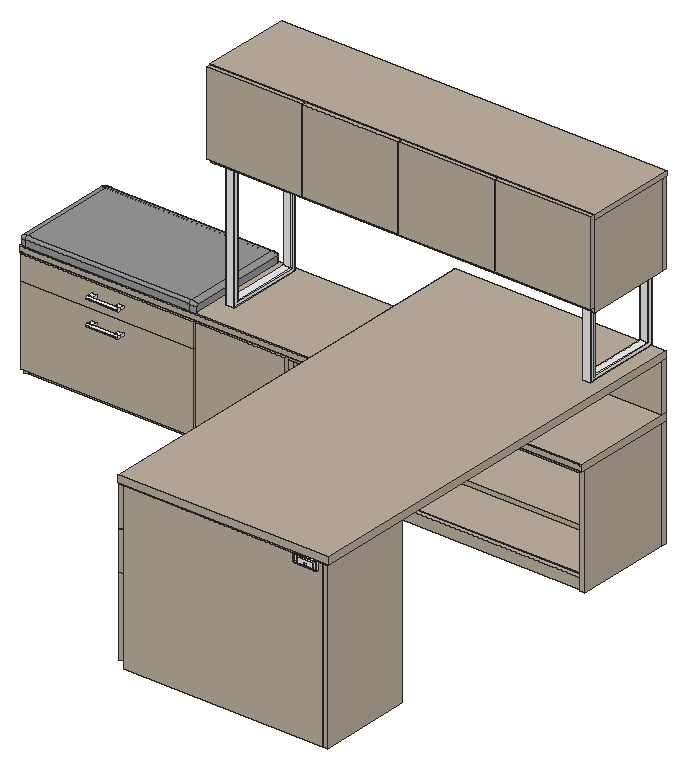
Revit family "VL010family", category Furniture, Revit 2015 (continued)
Definition of nested family "JSI-Vision-Modular_BBF_Pedestal"
  Definition of nested family "Side Grommet"
    Forms (in)
      Extrusion 2, solid, material <- "Gromett Finish"
        sketch origin (0, 0, 0) x (0, 1, 0) y (0, 0, 1)
          loop
            line (0.250025, 0.3720608) -> (0.250025, 0.1220608) -> (1.3504, 0.1220608)
        from -0.0499992 to 0
      Extrusion 3, solid, material <- "Gromett Finish"
        sketch origin (0, 0, 0) x (0, 1, 0) y (0, 0, 1)
          loop
            line (-1.8900002, 1.4088002) -> (-1.8900002, 1.3150502) -> (1.8900002, 1.3150502) -> (1.8900002, 1.4088002) -> (-1.8900002, 1.4088002)
        from -0.0499992 to 0.8125
    Dimensions and locks (in)
      aligned and locked: level to plane 2
      aligned and locked: plane 4 to Sweep 1
      aligned and locked: plane 4 to Extrusion 2
      aligned and locked: plane 3 "Center Left/Right" to Extrusion 2
      aligned and locked: Sweep 1 to Extrusion 3 sketch curve
      aligned and locked: Extrusion 3 sketch curve to Sweep 1
      aligned and locked: plane 4 to Extrusion 3
      aligned and locked: Extrusion 3 to plane 5
  Definition of nested family "Label 1-16"
    Parameters
      Width = 0' - 1"
      Model Name = "2 Drw - 2 Drs"
    Reference planes (in)
      plane 1: y = 0
      plane 2: x = 0
    Text (in)
      label "XX" at (0.0005059, -0.1232411, 0), shows "Model Name"
Definition of nested family "JSI-Vision-Bench_H_Cushion"
  Parameters (values of type "Bench H Cushion - Type Catalog Family")
    Width = 3' - 0"
    URL = "www.jsifurniture.com"
    Type Comments = ""
    Series = "VISION CASEGOODS"  # constant formula
    Model = "VS2436CUSH"
    Material = ""
    Manufacturer = "JSI"  # constant formula
    Keynote = "12500"
    JSI Enviromental Website = "http://www.jsifurniture.com/jsi_sustainability_intro.php"
    Height = 0' - 1 1/2"
    Description = "24D Bench Height Seat Cushion"
    Depth = 2' - 0"
    Cushion Finish = none
    Bench Height = 1' - 7 1/2"
    Assembly Code = "E2020200"
  Reference planes (in)
    plane 1 "Center Front/Back": y = 0
    plane 2: z = 0
    plane 3 "Center Left/Right": x = 0
    plane 4: z = 0
    plane 5: z = 19.5
    plane 6: z = 21
    plane 7: z = 20.625
    plane 8: x = 36
    plane 9: y = -24
  Forms (in)
    Sweep 1, solid, material <- "Cushion Finish"
      path origin (7.5, 51.4810041, 49.125) x (0, 1, 0) y (0, 0, 1)
        loop
          line (-51.4810041, -29.625) -> (-51.4810041, -28.5625)
          arc (-51.4810041, -28.5625) -> (-51.6091449, -28.2531408) -> (-51.9185041, -28.125) r 0.4375
          line (-51.9185041, -28.125) -> (-75.0435041, -28.125)
          arc (-75.0435041, -28.125) -> (-75.3528633, -28.2531408) -> (-75.4810041, -28.5625) r 0.4375
          line (-75.4810041, -28.5625) -> (-75.4810041, -29.625)
      profile origin (7.5, -12, 21) x (0, 0, -1) y (1, 0, 0)
        loop
          line (0.375, -7.5) -> (0.375, 28.5)
          spline (0.375, 28.5) -> (0.3260527, 28.4914449) -> (0.2779429, 28.4659258) -> (0.2314937, 28.4238795) -> (0.1875, 28.3660254) -> (0.1467145, 28.2933533) -> (0.109835, 28.2071068) -> (0.0774925, 28.1087614) -> (0.0502405, 28) -> (0.0285452, 27.8826834) -> (0.0127778, 27.758819) -> (0.0032082, 27.6305262) -> (0, 27.5)
          line (0, 27.5) -> (0, -6.5)
          spline (0, -6.5) -> (0.0032082, -6.6305262) -> (0.0127778, -6.758819) -> (0.0285452, -6.8826834) -> (0.0502405, -7) -> (0.0774925, -7.1087614) -> (0.109835, -7.2071068) -> (0.1467145, -7.2933533) -> (0.1875, -7.3660254) -> (0.2314937, -7.4238795) -> (0.2779429, -7.4659258) -> (0.3260527, -7.4914449) -> (0.375, -7.5)
    Extrusion 2, solid, material <- "Cushion Finish"
      sketch origin (7.5, 51.4810041, 49.125) x (0, 1, 0) y (0, 0, 1)
        loop
          line (-51.8560041, -29.625) -> (-51.8560041, -28.5625)
          arc (-51.8560041, -28.5625) -> (-51.8743099, -28.5183058) -> (-51.9185041, -28.5) r 0.0625
          line (-51.9185041, -28.5) -> (-75.0435041, -28.5)
          arc (-75.0435041, -28.5) -> (-75.0876983, -28.5183058) -> (-75.1060041, -28.5625) r 0.0625
          line (-75.1060041, -28.5625) -> (-75.1060041, -29.625) -> (-51.8560041, -29.625)
      from -7.5 to 28.5
  Lines and regions (in)
    symbolic lines
      curve 1: line (36, -0.375, 0) -> (36, -23.625, 0)
      curve 2: line (35, -24, 0) -> (1, -24, 0)
      curve 3: spline (0, -23.625, 0) -> (0.0085551, -23.6739473, 0) -> (0.0340742, -23.7220571, 0) -> (0.0761205, -23.7685063, 0) -> (0.1339746, -23.8125, 0) -> (0.2066467, -23.8532855, 0) -> (0.2928932, -23.890165, 0) -> (0.3912386, -23.9225075, 0) -> (0.5, -23.9497595, 0) -> (0.6173166, -23.9714548, 0) -> (0.741181, -23.9872222, 0) -> (0.8694738, -23.9967918, 0) -> (1, -24, 0)
      curve 4: spline (36, -23.625, 0) -> (35.9914449, -23.6739473, 0) -> (35.9659258, -23.7220571, 0) -> (35.9238795, -23.7685063, 0) -> (35.8660254, -23.8125, 0) -> (35.7933533, -23.8532855, 0) -> (35.7071068, -23.890165, 0) -> (35.6087614, -23.9225075, 0) -> (35.5, -23.9497595, 0) -> (35.3826834, -23.9714548, 0) -> (35.258819, -23.9872222, 0) -> (35.1305262, -23.9967918, 0) -> (35, -24, 0)
      curve 5: line (1, 0, 0) -> (35, 0, 0)
      curve 6: spline (36, -0.375, 0) -> (35.9914449, -0.3260527, 0) -> (35.9659258, -0.2779429, 0) -> (35.9238795, -0.2314937, 0) -> (35.8660254, -0.1875, 0) -> (35.7933533, -0.1467145, 0) -> (35.7071068, -0.109835, 0) -> (35.6087614, -0.0774925, 0) -> (35.5, -0.0502405, 0) -> (35.3826834, -0.0285452, 0) -> (35.258819, -0.0127778, 0) -> (35.1305262, -0.0032082, 0) -> (35, 0, 0)
      curve 7: spline (0, -0.375, 0) -> (0.0085551, -0.3260527, 0) -> (0.0340742, -0.2779429, 0) -> (0.0761205, -0.2314937, 0) -> (0.1339746, -0.1875, 0) -> (0.2066467, -0.1467145, 0) -> (0.2928932, -0.109835, 0) -> (0.3912386, -0.0774925, 0) -> (0.5, -0.0502405, 0) -> (0.6173166, -0.0285452, 0) -> (0.741181, -0.0127778, 0) -> (0.8694738, -0.0032082, 0) -> (1, 0, 0)
      curve 8: line (0, -0.375, 0) -> (0, -23.625, 0)
  Dimensions and locks (in)
    "Height": plane 6 to plane 5
    locked: plane 7 to plane 5 at 1.125
    "Bench Height": plane 5 to level
    "Width": plane 3 "Center Left/Right" to plane 8
    "Depth": plane 1 "Center Front/Back" to plane 9
    locked: Sweep 1 sketch curve to plane 3 "Center Left/Right" at 1
    locked: Sweep 1 sketch curve to plane 8 at 1
    aligned and locked: level to plane 2
    aligned and locked: level to plane 4
    aligned and locked: Sweep 1 to plane 5
    aligned and locked: Extrusion 2 to Sweep 1  (x3)
    aligned and locked: Extrusion 2 to plane 3 "Center Left/Right"
    aligned and locked: Extrusion 2 to plane 8
    aligned and locked: plane 1 "Center Front/Back" to Sweep 1 sketch curve
    aligned and locked: plane 9 to Sweep 1 sketch curve
    aligned and locked: Sweep 1 sketch curve to plane 6
  Automatic sketch dimensions
    Sweep 1 sketch curve to plane 5 = 0' - 0"  (x2)
    Sweep 1 sketch curve to plane 7 = 0' - 0 1/16"
    plane 1 "Center Front/Back" to Sweep 1 sketch curve = 0' - 0 7/16"
    Sweep 1 sketch curve to profile plane = 0' - 0"
    Sweep 1 sketch curve to profile plane = 0' - 0 3/8"
    Sweep 1 sketch curve to Sweep 1 sketch curve = 0' - 1"  (x2)
    Extrusion 2 sketch curve to plane 5 = 0' - 0"
    Extrusion 2 sketch curve to plane 7 = 0' - 0"
    plane 9 to Extrusion 2 sketch curve = 0' - 0 3/8"
    Extrusion 2 sketch curve to plane 7 = 0' - 0 1/16"
    plane 1 "Center Front/Back" to Extrusion 2 sketch curve = 0' - 0 7/16"
    plane 1 "Center Front/Back" to Extrusion 2 sketch curve = 0' - 0 3/8"
    curve 3 to plane 3 "Center Left/Right" = 0' - 0"
    curve 3 to plane 9 = 0' - 0"
    plane 1 "Center Front/Back" to curve 7 = 0' - 0"
    curve 4 to plane 8 = 0' - 0"
    plane 3 "Center Left/Right" to curve 2 = 0' - 1"
    plane 3 "Center Left/Right" to curve 5 = 0' - 1"
    plane 8 to curve 5 = 0' - 1"
    plane 8 to curve 2 = 0' - 1"
    plane 9 to curve 1 = 0' - 0 3/8"
    plane 1 "Center Front/Back" to curve 1 = 0' - 0 3/8"
    plane 9 to curve 3 = 0' - 0 3/8"
    plane 1 "Center Front/Back" to curve 8 = 0' - 0 3/8"
Definition of nested family "JSI-Vision-OH_Cab-Split_H_Post"
  Parameters (values of type "Split H Post OH Cab - Type Catalog Family")
    Vetical Partition = yes
    Top = none
    Width = 4' - 6"
    Verticall Partition Distance = if(# of Doors > 3, Unit Centre, (if(# of Doors < 3, Unit Centre, (if(OHL, (Door Width + 0' 0 9/16"), ((Door Width * 2) + (0' 0 1/16")))))))  # 2' - 3"
    Unit Centre = Width / 2  # 2' - 3"
    URL = "www.jsifurniture.com"
    Type Comments = ""
    Tag = "4 Doors"
    Series = "VISION CASEGOODS"  # constant formula
    Support Leg = none
    Overhead Height = 1' - 10 13/16"
    OHL = no
    OH Elevation = 2' - 6"
    Model = "VL1654PSHD-2737"
    Material = ""
    Manufacturer = "JSI"  # constant formula
    Keynote = "12500"
    JSI Enviromental Website = "http://www.jsifurniture.com/jsi_sustainability_intro.php"
    Height = 3' - 1"
    Door Front = none
    Door Width = if(Width > 4' 5", ((Width - 0' 0 3/4") / # of Doors), (if(Width > 3' 5", ((Width - 0' 0 5/8") / # of Doors), ((Width - 0' 0 1/2") / # of Doors))))  # 1' - 1 5/16"
    Door Array Spacing = Door Width + 0' 0 1/8"  # 1' - 1 7/16"
    Description = "Laminate Split Height Post Support Overhead Cab. 16\" x 54\", 4 Doors"
    Depth = 1' - 4"
    Chassis = none
    Assembly Code = "E2020200"
    # of Doors = if(Width > 4' 5", 4, (if(Width > 3' 5", 3, (if(Width > 2' 6", 2, 2)))))  # 4
  Reference planes (in)
    plane 1 "Center Front/Back": y = 0
    plane 2: z = 0
    plane 3 "Center Left/Right": x = 0
    plane 4: z = 0
    plane 5: y = -0.125
    plane 6: x = 0.125
    plane 7: x = 54
    plane 8: x = 53.875
    plane 9: y = -16
    plane 10: y = -15.375
    plane 11: y = -15.5
    plane 12: y = -16.25
    plane 13: x = 0.875
    plane 14: x = 53.125
    plane 15: y = -0.875
    plane 16: x = 27
    plane 17: z = 67
    plane 18: z = 66.8125
    plane 19: z = 66.0625
    plane 20: z = 52.8125
    plane 21: z = 51.8125
    plane 22: z = 53.5625
    plane 23: z = 30
    plane 24: x = 0.1875
    plane 25: x = 53.8125
    plane 26: z = 52.6875
    plane 27: z = 52.625
    plane 28: x = 27.375
    plane 29: x = 26.625
    plane 30: x = 0.09375
    plane 31: y = -0.09375
    plane 32: y = -15.40625
    plane 33: x = 53.90625
    plane 34: y = -15.25
    plane 35: y = -14.5
    plane 36: x = 13.5625
    plane 37: x = 13.5
    plane 38: x = 13.625
    plane 39: x = 27
    plane 40: x = 1.75
    plane 41: y = -1.125
    plane 42: x = 4.25
    plane 43: y = -3.125
    plane 44: x = 52.25
    plane 45: x = 49.75
    plane 46: y = -15.3125
    plane 47: y = -14.125
    plane 48: y = -12.125
    plane 49: z = 40
  Forms (in)
    Extrusion 1, solid, material <- "Chassis"
      sketch origin (0, 0, 0) x (1, 0, 0) y (0, 1, 0)
        loop
          line (0.125, -0.875) -> (0.125, -15.375) -> (0.875, -15.375) -> (0.875, -0.875) -> (0.125, -0.875)
      from 51.8125 to 66.0625
    Extrusion 2, solid, material <- "Chassis"
      sketch origin (0, 0, 0) x (1, 0, 0) y (0, 1, 0)
        loop
          line (53.875, -0.875) -> (53.125, -0.875) -> (53.125, -15.375) -> (53.875, -15.375) -> (53.875, -0.875)
      from 51.8125 to 66.0625
    Extrusion 3, solid, material <- "Chassis"
      sketch origin (0, 0, 0) x (1, 0, 0) y (0, 1, 0)
        loop
          line (0.125, -0.125) -> (0.125, -0.875) -> (53.875, -0.875) -> (53.875, -0.125) -> (0.125, -0.125)
      from 51.8125 to 66.0625
    Extrusion 4, solid, material <- "Chassis", visible <- "Vetical Partition"
      sketch origin (0, 0, 0) x (1, 0, 0) y (0, 1, 0)
        loop
          line (26.625, -0.875) -> (26.625, -15.3125) -> (27.375, -15.3125) -> (27.375, -0.875) -> (26.625, -0.875)
      from 53.5625 to 66.0625
    Extrusion 5, solid, material <- "Chassis"
      sketch origin (0, 0, 0) x (0, 1, 0) y (0, 0, 1)
        loop
          line (-0.875, 53.5625) -> (-15.3125, 53.5625) -> (-15.3125, 52.8125) -> (-0.875, 52.8125) -> (-0.875, 53.5625)
      from 0.875 to 53.125
    Extrusion 6, solid, material <- "Top"
      sketch origin (0, 0, 0) x (0, 1, 0) y (0, 0, 1)
        loop
          line (-0.09375, 66.8125) -> (-15.40625, 66.8125) -> (-15.40625, 66.0625) -> (-0.09375, 66.0625) -> (-0.09375, 66.8125)
      from 0.09375 to 53.90625
    Extrusion 7, solid, material <- "Chassis"
      sketch origin (0, 0, 0) x (0, 1, 0) y (0, 0, 1)
        loop
          line (-14.5, 52.8125) -> (-15.25, 52.8125) -> (-15.25, 51.8125) -> (-14.5, 51.8125) -> (-14.5, 52.8125)
      from 0.875 to 53.125
    Extrusion 8, solid, material <- "Door Front"
      sketch origin (-4.5, 0, 0) x (1, 0, 0) y (0, 1, 0)
        loop
          line (4.6875, -15.5) -> (4.6875, -16.25) -> (18, -16.25) -> (18, -15.5) -> (4.6875, -15.5)
      from 52.6875 to 66.8125
    Extrusion 9, solid, material <- "Door Front"
      sketch origin (8.9375, 0, 0) x (1, 0, 0) y (0, 1, 0)
        loop
          line (4.6875, -15.5) -> (4.6875, -16.25) -> (18, -16.25) -> (18, -15.5) -> (4.6875, -15.5)
      from 52.6875 to 66.8125
    Extrusion 10, solid, material <- "Support Leg"
      sketch origin (0, 0, 0) x (1, 0, 0) y (0, 1, 0)
        loop
          line (1.75, -1.125) -> (1.75, -3.125) -> (4.25, -3.125) -> (4.25, -1.125) -> (1.75, -1.125)
        loop
          line (49.75, -1.125) -> (49.75, -3.125) -> (52.25, -3.125) -> (52.25, -1.125) -> (49.75, -1.125)
        loop
          line (49.75, -12.125) -> (49.75, -14.125) -> (52.25, -14.125) -> (52.25, -12.125) -> (49.75, -12.125)
        loop
          line (1.75, -12.125) -> (1.75, -14.125) -> (4.25, -14.125) -> (4.25, -12.125) -> (1.75, -12.125)
      from 52.625 to 52.8125
    Sweep 11, solid, material <- "Support Leg"
      path origin (1.75, 60, 48) x (0, 1, 0) y (0, 0, 1)
        loop
          line (-61.125, 4.625) -> (-61.125, -8) -> (-74.125, -8) -> (-74.125, 4.625)
      profile origin (1.75, -1.125, 46.3125) x (1, 0, 0) y (0, 1, 0)
        loop
          arc (0.125, 0) -> (0.0366117, -0.0366117) -> (0, -0.125) r 0.125
          line (0, -0.125) -> (0, -0.625)
          arc (0, -0.625) -> (0.0366117, -0.7133883) -> (0.125, -0.75) r 0.125
          line (0.125, -0.75) -> (1.375, -0.75)
          arc (1.375, -0.75) -> (1.4633883, -0.7133883) -> (1.5, -0.625) r 0.125
          line (1.5, -0.625) -> (1.5, -0.125)
          arc (1.5, -0.125) -> (1.4633883, -0.0366117) -> (1.375, 0) r 0.125
          line (1.375, 0) -> (0.125, 0)
    Sweep 12, solid, material <- "Support Leg"
      path origin (52.25, 60, 48) x (0, 1, 0) y (0, 0, 1)
        loop
          line (-61.125, 4.625) -> (-61.125, -18) -> (-74.125, -18) -> (-74.125, 4.625)
      profile origin (52.25, -14.125, 41.3125) x (0, -1, 0) y (1, 0, 0)
        loop
          arc (0, -0.125) -> (-0.0366117, -0.0366117) -> (-0.125, 0) r 0.125
          line (-0.125, 0) -> (-0.625, 0)
          arc (-0.625, 0) -> (-0.7133883, -0.0366117) -> (-0.75, -0.125) r 0.125
          line (-0.75, -0.125) -> (-0.75, -1.375)
          arc (-0.75, -1.375) -> (-0.7133883, -1.4633883) -> (-0.625, -1.5) r 0.125
          line (-0.625, -1.5) -> (-0.125, -1.5)
          arc (-0.125, -1.5) -> (-0.0366117, -1.4633883) -> (0, -1.375) r 0.125
          line (0, -1.375) -> (0, -0.125)
    Extrusion 13, solid, material <- "Door Front"
      sketch origin (22.375, 0, 0) x (1, 0, 0) y (0, 1, 0)
        loop
          line (4.6875, -15.5) -> (4.6875, -16.25) -> (18, -16.25) -> (18, -15.5) -> (4.6875, -15.5)
      from 52.6875 to 66.8125
    Extrusion 14, solid, material <- "Door Front"
      sketch origin (35.8125, 0, 0) x (1, 0, 0) y (0, 1, 0)
        loop
          line (4.6875, -15.5) -> (4.6875, -16.25) -> (18, -16.25) -> (18, -15.5) -> (4.6875, -15.5)
      from 52.6875 to 66.8125
  Lines and regions (in)
    symbolic lines
      curve 1: line (53.875, -0.125, 0) -> (0.125, -0.125, 0)
      curve 2: line (0.125, -0.125, 0) -> (0.125, -15.375, 0)
      curve 3: line (53.875, -0.125, 0) -> (53.875, -15.375, 0)
      curve 4: line (53.875, -15.375, 0) -> (0.125, -15.375, 0)
      curve 5: line (13.5, -15.5, 0) -> (0.1875, -15.5, 0)
      curve 6: line (0.1875, -15.5, 0) -> (0.1875, -16.25, 0)
      curve 7: line (0.1875, -16.25, 0) -> (13.5, -16.25, 0)
      curve 8: line (13.5, -16.25, 0) -> (13.5, -15.5, 0)
      curve 9: line (26.9375, -15.5, 0) -> (13.625, -15.5, 0)
      curve 10: line (13.625, -15.5, 0) -> (13.625, -16.25, 0)
      curve 11: line (13.625, -16.25, 0) -> (26.9375, -16.25, 0)
      curve 12: line (26.9375, -16.25, 0) -> (26.9375, -15.5, 0)
      curve 13: line (40.375, -15.5, 0) -> (27.0625, -15.5, 0)
      curve 14: line (27.0625, -15.5, 0) -> (27.0625, -16.25, 0)
      curve 15: line (27.0625, -16.25, 0) -> (40.375, -16.25, 0)
      curve 16: line (40.375, -16.25, 0) -> (40.375, -15.5, 0)
      curve 17: line (53.8125, -15.5, 0) -> (40.5, -15.5, 0)
      curve 18: line (40.5, -15.5, 0) -> (40.5, -16.25, 0)
      curve 19: line (40.5, -16.25, 0) -> (53.8125, -16.25, 0)
      curve 20: line (53.8125, -16.25, 0) -> (53.8125, -15.5, 0)
  Dimensions and locks (in)
    locked: plane 3 "Center Left/Right" to plane 6 at 0.125
    "Width": plane 3 "Center Left/Right" to plane 7
    locked: plane 8 to plane 7 at 0.125
    "Depth": plane 9 to plane 1 "Center Front/Back"
    locked: plane 9 to plane 10 at 0.625
    locked: plane 11 to plane 10 at 0.125
    locked: plane 12 to plane 11 at 0.75
    locked: plane 5 to plane 1 "Center Front/Back" at 0.125
    locked: plane 15 to plane 5 at 0.75
    locked: plane 6 to plane 13 at 0.75
    locked: plane 14 to plane 8 at 0.75
    "Unit Centre": plane 3 "Center Left/Right" to plane 16
    locked: plane 17 to plane 18 at 0.1875
    locked: plane 18 to plane 19 at 0.75
    plane 22 to plane 20 to plane 21 = 0' - 0 3/4" locked, 0' - 1" locked
    "Height": plane 17 to plane 23
    "OH Elevation": plane 23 to plane 4
    "Overhead Height": plane 20 to plane 23
    plane 21 to plane 23 = 1' - 9 13/16"
    locked: plane 6 to plane 24 at 0.0625
    locked: plane 25 to plane 8 at 0.0625
    locked: plane 20 to plane 27 at 0.1875
    locked: plane 30 to plane 6 at 0.03125
    locked: plane 8 to plane 33 at 0.03125
    locked: plane 5 to plane 31 at 0.03125
    locked: plane 32 to plane 10 at 0.03125
    plane 10 to plane 34 to plane 35 = 0' - 0 1/8" locked, 0' - 0 3/4" locked
    plane 37 to plane 36 to plane 38 = 0' - 0 1/16" locked, 0' - 0 1/16" locked
    "Door Width": Extrusion 8 sketch curve to Extrusion 8 sketch curve
    "Door Width": Extrusion 9 sketch curve to Extrusion 9 sketch curve
    equal spacing: group 1, group 2, group 3, group 4  (x3)
    "Door Width": plane 24 to plane 37
    "Door Array Spacing": Extrusion 8 to Extrusion 9
    locked: plane 20 to plane 26 at 0.125
    plane 29 to plane 39 to plane 28 = 0' - 0 3/8" locked, 0' - 0 3/8" locked
    "Verticall Partition Distance": plane 3 "Center Left/Right" to plane 39
    plane 6 to plane 40 to plane 42 = 0' - 1 5/8" locked, 0' - 2 1/2" locked
    plane 43 to plane 41 to plane 5 = 0' - 2" locked, 0' - 1" locked
    plane 45 to plane 44 to plane 8 = 0' - 2 1/2" locked, 0' - 1 5/8" locked
    locked: plane 10 to plane 46 at 0.0625
    plane 10 to plane 47 to plane 48 = 0' - 1 1/4" locked, 0' - 2" locked
    locked: Sweep 11 sketch curve to Sweep 11 sketch curve at 0.75
    locked: Sweep 11 sketch curve to Sweep 11 sketch curve at 1.5
    locked: Sweep 12 sketch curve to Sweep 12 sketch curve at 1.5
    locked: Sweep 12 sketch curve to Sweep 12 sketch curve at 0.75
    locked: plane 49 to plane 23 at 10
    "Door Width": Extrusion 13 sketch curve to Extrusion 13 sketch curve
    "Door Width": Extrusion 14 sketch curve to Extrusion 14 sketch curve
    aligned and locked: level to plane 2
    aligned and locked: plane 6 to Extrusion 1 sketch curve
    aligned and locked: Extrusion 1 sketch curve to plane 10
    aligned and locked: Extrusion 1 sketch curve to plane 13
    aligned and locked: plane 8 to Extrusion 2 sketch curve
    aligned and locked: plane 10 to Extrusion 2 sketch curve
    aligned and locked: Extrusion 2 sketch curve to plane 14
    aligned and locked: plane 15 to Extrusion 1 sketch curve
    aligned and locked: Extrusion 2 sketch curve to plane 15
    aligned and locked: plane 5 to Extrusion 3 sketch curve
    aligned and locked: plane 6 to Extrusion 3 sketch curve
    aligned and locked: Extrusion 3 sketch curve to Extrusion 2  (x2)
    aligned and locked: plane 15 to Extrusion 4 sketch curve
    aligned and locked: plane 29 to Extrusion 4 sketch curve
    aligned and locked: Extrusion 4 sketch curve to plane 28
    aligned and locked: plane 19 to Extrusion 1
    aligned and locked: Extrusion 1 to plane 21
    aligned and locked: plane 19 to Extrusion 2
    aligned and locked: Extrusion 2 to plane 21
    aligned and locked: plane 19 to Extrusion 4
    aligned and locked: plane 19 to Extrusion 3
    aligned and locked: Extrusion 3 to plane 21
    aligned and locked: plane 22 to Extrusion 5 sketch curve
    aligned and locked: Extrusion 5 sketch curve to plane 15
    aligned and locked: Extrusion 5 sketch curve to plane 20
    aligned and locked: Extrusion 5 to plane 13
    aligned and locked: plane 14 to Extrusion 5
    aligned and locked: Extrusion 4 to plane 22
    aligned and locked: plane 18 to Extrusion 6 sketch curve
    aligned and locked: Extrusion 6 sketch curve to plane 31
    aligned and locked: plane 32 to Extrusion 6 sketch curve
    aligned and locked: plane 19 to Extrusion 6 sketch curve
    aligned and locked: Extrusion 6 to plane 30
    aligned and locked: plane 33 to Extrusion 6
    aligned and locked: plane 35 to Extrusion 7 sketch curve
    aligned and locked: Extrusion 7 sketch curve to plane 34
    aligned and locked: plane 21 to Extrusion 7 sketch curve
    aligned and locked: Extrusion 7 sketch curve to plane 20
    aligned and locked: Extrusion 7 to plane 13
    aligned and locked: plane 14 to Extrusion 7
    aligned and locked: Extrusion 8 to plane 24
    aligned and locked: plane 18 to Extrusion 8
    aligned and locked: Extrusion 8 to plane 26
    aligned and locked: plane 18 to Extrusion 9
    aligned and locked: Extrusion 9 to plane 26
    aligned and locked: Extrusion 8 to plane 18
    aligned and locked: plane 26 to Extrusion 8  (x2)
    aligned and locked: Extrusion 9 to plane 18  (x2)
    aligned and locked: plane 26 to Extrusion 9  (x2)
    aligned and locked: plane 18 to Extrusion 6
    aligned and locked: Extrusion 5 sketch curve to plane 46
    aligned and locked: Extrusion 4 sketch curve to plane 46
    aligned and locked: plane 41 to Extrusion 10 sketch curve  (x2)
    aligned and locked: plane 40 to Extrusion 10 sketch curve  (x2)
    aligned and locked: Extrusion 10 sketch curve to plane 43  (x2)
    aligned and locked: Extrusion 10 sketch curve to plane 42  (x2)
    aligned and locked: plane 45 to Extrusion 10 sketch curve  (x2)
    aligned and locked: Extrusion 10 sketch curve to plane 44  (x2)
    aligned and locked: plane 48 to Extrusion 10 sketch curve  (x2)
    aligned and locked: Extrusion 10 sketch curve to plane 47  (x2)
    aligned and locked: plane 20 to Extrusion 10
    aligned and locked: Extrusion 10 to plane 27
    aligned and locked: plane 41 to Sweep 11 sketch curve
    aligned and locked: plane 47 to Sweep 11 sketch curve
    aligned and locked: plane 27 to Sweep 11 sketch curve  (x2)
    aligned and locked: profile plane to Sweep 11 sketch curve  (x2)
    aligned and locked: Sweep 12 sketch curve to plane 47
    aligned and locked: Sweep 12 sketch curve to plane 41
    aligned and locked: Sweep 12 sketch curve to plane 23
    aligned and locked: plane 27 to Sweep 12 sketch curve  (x2)
    aligned and locked: profile plane to Sweep 12 sketch curve
    aligned and locked: Sweep 12 sketch curve to profile plane
    aligned and locked: curve 1 to plane 5
    aligned and locked: curve 2 to plane 6
    aligned and locked: curve 3 to plane 8
    aligned and locked: curve 4 to plane 10
    aligned and locked: curve 5 to Extrusion 8
    aligned and locked: curve 6 to Extrusion 8
    aligned and locked: curve 7 to Extrusion 8
    aligned and locked: curve 8 to Extrusion 8
    aligned and locked: curve 9 to Extrusion 9
    aligned and locked: curve 10 to Extrusion 9
    aligned and locked: curve 11 to Extrusion 9
    aligned and locked: curve 12 to Extrusion 9
    aligned and locked: plane 16 to nested 1
    aligned and locked: plane 12 to nested 1
    aligned and locked: Sweep 11 sketch curve to plane 49
    aligned and locked: curve 13 to Extrusion 13
    aligned and locked: curve 14 to Extrusion 13
    aligned and locked: curve 15 to Extrusion 13
    aligned and locked: curve 16 to Extrusion 13
    aligned and locked: curve 17 to Extrusion 14
    aligned and locked: curve 18 to Extrusion 14
    aligned and locked: curve 19 to Extrusion 14
    aligned and locked: curve 20 to Extrusion 14
  Automatic sketch dimensions
    Extrusion 8 sketch curve to Extrusion 8 sketch curve = 0' - 0 3/4"
    Extrusion 9 sketch curve to Extrusion 9 sketch curve = 0' - 0 3/4"
    profile plane to Sweep 12 sketch curve = 0' - 0 1/8"  (x2)
    curve 6 to curve 6 = 0' - 0 3/4"
    curve 6 to curve 7 = 1' - 1 5/16"
    curve 10 to curve 10 = 0' - 0 3/4"
    curve 10 to curve 11 = 1' - 1 5/16"
    Extrusion 13 sketch curve to Extrusion 13 sketch curve = 0' - 0 3/4"
    curve 14 to curve 14 = 0' - 0 3/4"
    curve 14 to curve 15 = 1' - 1 5/16"
    plane 40 to Sweep 11 sketch curve = 0' - 0 1/8"  (x2)
    Sweep 11 sketch curve to Sweep 11 sketch curve = 0' - 0 1/8"  (x2)
    Sweep 12 sketch curve to Sweep 12 sketch curve = 0' - 0 1/8"  (x2)
    Extrusion 14 sketch curve to Extrusion 14 sketch curve = 0' - 0 3/4"
    curve 18 to curve 18 = 0' - 0 3/4"
    curve 18 to curve 19 = 1' - 1 5/16"
  Nested families (in)
    nested 1: "Label 1-16 OH" at (27, -16.25, 0), type "OH DOORS"
  Definition of nested family "Label 1-16 OH"
    Parameters
      Width = 0' - 1"
      Model Name = "XX"
    Reference planes (in)
      plane 1: y = 0
      plane 2: x = 0
    Text (in)
      label "XX" at (0.0005059, -0.1232411, 0), shows "Model Name"
